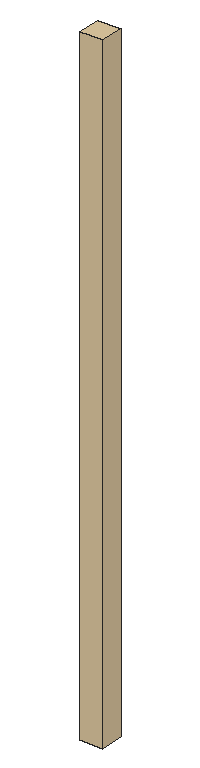
Revit family
Parameters (values of type "89x89")
  Column Material [instance] = Wood - Dimensional Lumber
  Assembly Code = ""
  A = 0.007903 m²
  Ix = 127.05
  Iy = 127.1
  Sx = 1919
  Sy = 117
  b = 88.9 mm
  d = 88.9 mm
Reference planes
  plane 1 "Center (Front/Back)": y = 0
  plane 2: z = 0
  plane 3 "Center (Left/Right)": x = 0
  plane 4: x = -44.45
  plane 5: x = 44.45
  plane 6: y = 44.45
  plane 7: y = -44.45
Forms (mm)
  Extrusion 1, solid, material "Wood - Dimensional Lumber" <- "Column Material", detail levels medium+fine
    sketch origin (0, 0, 0) x (1, 0, 0) y (0, 1, 0)
      loop
        line (-44.45, 44.45) -> (-44.45, -44.45) -> (44.45, -44.45) -> (44.45, 44.45) -> (-44.45, 44.45)
    from 0 to 2500
Lines and regions (mm)
  symbolic lines, style "StructuralColumnStickSymbols", detail levels coarse
    curve 1: line (-44.45, 44.45, 0) -> (44.45, 44.45, 0)
    curve 2: line (-44.45, -44.45, 0) -> (44.45, -44.45, 0)
    curve 3: line (-44.45, 44.45, 0) -> (-44.45, -44.45, 0)
    curve 4: line (44.45, 44.45, 0) -> (44.45, -44.45, 0)
Dimensions and locks
  equal spacing: plane 4, plane 3 "Center (Left/Right)", plane 5
  equal spacing: plane 7, plane 1 "Center (Front/Back)", plane 6
  "d": plane 7 to plane 6
  "b": plane 4 to plane 5
  aligned and locked: plane 6 to Extrusion 1 sketch curve
  aligned and locked: Extrusion 1 sketch curve to plane 7
  aligned and locked: Extrusion 1 sketch curve to plane 4
  aligned and locked: plane 5 to Extrusion 1 sketch curve
  aligned and locked: level to Extrusion 1
  aligned and locked: level to plane 2
  aligned and locked: Extrusion 1 to plane 2
Automatic sketch dimensions
  curve 3 to plane 4 = 0 mm
  curve 4 to plane 5 = 0 mm
  curve 3 to plane 7 = 0 mm
  curve 3 to plane 6 = 0 mm
